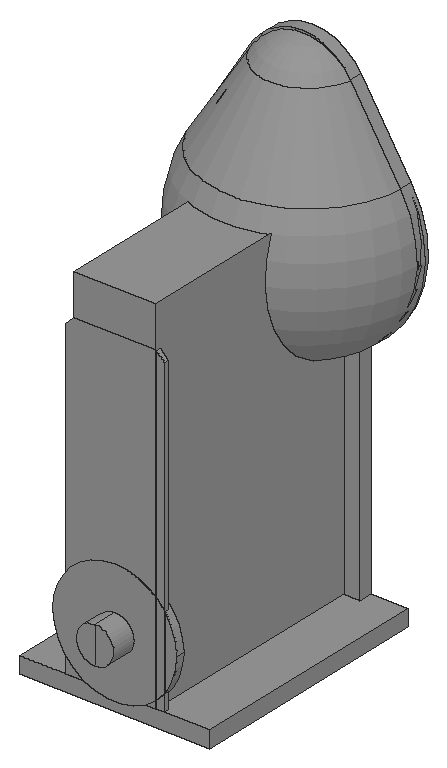
Revit family "Toilet-Willoughby-1490-TS-HET-ETF-FM", category Plumbing Fixtures, host Face, Revit 2014
Parameters (values of type "Standard")
  Waste DIA = 2 1/4"
  Waste Connection = yes
  W-RAD [instance] = Waste DIA / 2  # 0' - 1 1/8"
  URL = "www.willoughby-ind.com"
  Type Comments = ""
  Revision = "A"
  Model = "ETF-1490-TS-HET-FM"
  Manufacturer = "Willoughby Industries"
  Flush inlet DIA = 1 1/2"
  Fixture Body = Stainless Steel AISI 304-Willoughby
  F-RAD [instance] = Flush inlet DIA / 2  # 0' - 0 3/4"
  Description = "Floor Mounted Toilet"
  Default Elevation = 0' - 0"
  Contact Number = "(800) 428-4065"
  CW Connection = yes
Reference planes (in)
  plane 1 "Base": y = -16.25
  plane 2: z = 0
  plane 3 "Center": x = 18.31072
  plane 4 "Waste height": y = -4.75
  plane 5: y = -1.25
  plane 6: z = -6.75
  plane 7: y = -2.125
  plane 8: y = -14.0625
  plane 9: y = 0.5
  plane 10: x = 16.56072
  plane 11: x = 20.06072
  plane 12: x = 11.56072
  plane 13: x = 25.06072
  plane 14: z = 23
  plane 15: z = 30.75
  plane 16: x = 15.81072
  plane 17: x = 20.81072
  plane 18: x = 15.81072
  plane 19: x = 20.81072
  plane 20: z = 4.25
  plane 21: x = 12.56072
  plane 22: x = 24.06072
  plane 23: z = 2.75
Forms (in)
  Extrusion 1, solid, material "Stainless Steel AISI 304-Willoughby" <- "Fixture Body"
    sketch origin (16.08109, 7.47968, -2.20225) x (-1, 0, 0) y (0, 0, -1)
      loop
        line (1.29775, -16.80087) -> (1.29775, -3.20225) -> (-5.72963, -3.20225) -> (-5.72963, -16.81676)
        arc (-5.72963, -16.81676) -> (-8.98136, -21.11843) -> (-8.21015, -26.45542) r 7
        line (-8.21015, -26.45542) -> (-5.16818, -31.31054)
        arc (-5.16818, -31.31054) -> (-2.20225, -32.95225) -> (0.76368, -31.31054) r 3.5
        line (0.76368, -31.31054) -> (3.80565, -26.45542)
        arc (3.80565, -26.45542) -> (4.5729, -21.10311) -> (1.29775, -16.80087) r 7
      loop
        arc (2.03989, -24.70557) -> (-2.20225, -18.23804) -> (-6.44438, -24.70557) r 4.625
        line (-6.44438, -24.70557) -> (-4.04125, -30.23842)
        arc (-4.04125, -30.23842) -> (-2.20225, -31.45225) -> (-0.36324, -30.23842) r 2
        line (-0.36324, -30.23842) -> (2.03989, -24.70557)
    from 8.72968 to 9.5
  Revolve 2, solid, material "Stainless Steel AISI 304-Willoughby" <- "Fixture Body"
    sketch origin (19.37246, -1.52032, 1.00169) x (-1, 0, 0) y (0, 0, -1)
      loop
        line (1.06174, -12.59906) -> (1.06174, -12.84906)
        arc (1.06174, -12.84906) -> (6.91177, -17.54136) -> (5.58904, -24.92315) r 7.34171
        line (5.58904, -24.92315) -> (3.81535, -27.91457)
        arc (3.81535, -27.91457) -> (2.63527, -29.03194) -> (1.06174, -29.43826) r 3.25
        line (1.06174, -29.43826) -> (1.06174, -29.68826)
        arc (1.06174, -29.68826) -> (2.75672, -29.25045) -> (4.02767, -28.04656) r 3.5
        line (4.02767, -28.04656) -> (7.06964, -23.19143)
        arc (7.06964, -23.19143) -> (7.15052, -16.14555) -> (1.06174, -12.59906) r 7
      axis (1.06174, -12.59906) -> (1.06174, -29.68826)
    angle from 0 to -180
  Extrusion 3, solid, material "Stainless Steel AISI 304-Willoughby" <- "Fixture Body"
    sketch origin (19.53334, -3.02032, -4.9508) x (0, 1, 0) y (0, 0, 1)
      loop
        line (-4.42257, 4.9508) -> (1.02643, 4.9508) -> (1.02643, 18.97156)
        arc (1.02643, 18.97156) -> (-2.31062, 20.32275) -> (-4.42257, 23.23845) r 6.52287
        line (-4.42257, 23.23845) -> (-4.42257, 4.9508)
    from 1.27686 to -3.72262
  Extrusion 4, solid, material "Stainless Steel AISI 304-Willoughby" <- "Fixture Body"
    sketch origin (0, -16.25, 0) x (1, 0, 0) y (0, 0, 1)
      loop
        line (24.06072, 0) -> (24.06072, 1) -> (12.56072, 1) -> (12.56072, 0) -> (24.06072, 0)
    from -15 to 0
  Extrusion 5, solid, material "Stainless Steel AISI 304-Willoughby" <- "Fixture Body"
    sketch origin (0, -16.25, 0) x (1, 0, 0) y (0, 0, 1)
      loop
        line (20.81072, 0) -> (20.81072, 23) -> (15.81072, 23) -> (15.81072, 0) -> (20.81072, 0)
    from 0 to -8.80711
  Revolve 6, solid, material "Stainless Steel AISI 304-Willoughby" <- "Fixture Body"
    sketch origin (18.31072, 0, 0) x (0, 1, 0) y (0, 0, 1)
      loop
        line (-17.75, 4.25) -> (-14.75, 4.25) -> (-14.75, 5.375) -> (-17.75, 5.375) -> (-17.75, 4.25)
      axis (-14.75, 4.25) -> (-17.75, 4.25)
    angle from 0 to 360
  Revolve 7, solid, material "Stainless Steel AISI 304-Willoughby" <- "Fixture Body"
    sketch origin (18.31072, 0, 0) x (0, 1, 0) y (0, 0, 1)
      loop
        line (0, 2.75) -> (0, 3.5) -> (-3, 3.5) -> (-3, 2.75) -> (0, 2.75)
      axis (0, 2.75) -> (-3, 2.75)
    angle from 0 to 360
  Extrusion 8, solid, material "Stainless Steel AISI 304-Willoughby" <- "Fixture Body"
    sketch origin (0, -16.25, 1.5) x (1, 0, 0) y (0, 0, 1)
      loop
        circle (18.31072, 2.75) r 3.75
    from 0 to -0.5
  Extrusion 9, solid, material "Stainless Steel AISI 304-Willoughby" <- "Fixture Body"
    sketch origin (0, -16.25, 0) x (1, 0, 0) y (0, 0, 1)
      loop
        line (20.81072, 1) -> (21.31072, 1) -> (21.31072, 20) -> (20.81072, 20.5) -> (15.81072, 20.5) -> (15.31072, 20) -> (15.31072, 1) -> (15.81072, 1) -> (20.81072, 1)
    from 0 to -0.25
Cuts and joins
  joined: Extrusion 1, Extrusion 3, Extrusion 4, Extrusion 5
Lines and regions (in)
  symbolic lines
    curve 1: line (24.06072, -16.25, 0) -> (12.56072, -16.25, 0)
    curve 2: line (11.28334, -2.02032, 0) -> (11.28334, -1.25, 0)
    curve 3: line (11.28334, -1.25, 0) -> (25.28334, -1.25, 0)
    curve 4: line (25.28334, -1.25, 0) -> (25.28334, -2.02032, 0)
    curve 5: arc (25.28334, -2.02032, 0) -> (23.07704, -6.644, 0) -> (18.31072, -8.52239, 0) r 6.99206
    curve 6: arc (18.31072, -8.52239, 0) -> (13.52313, -6.64818, 0) -> (11.28334, -2.02032, 0) r 7.04615
    curve 7: line (20.81072, -8.05932, 0) -> (20.81072, -16.25, 0)
    curve 8: line (15.81072, -8.06484, 0) -> (15.81072, -16.25, 0)
    curve 9: line (15.81072, -15.75, 0) -> (14.56072, -15.75, 0)
    curve 10: line (14.56072, -15.75, 0) -> (14.56072, -16.25, 0)
    curve 11: line (20.81072, -15.75, 0) -> (22.06072, -15.75, 0)
    curve 12: line (22.06072, -15.75, 0) -> (22.06072, -16.25, 0)
    curve 13: line (12.56072, -16.25, 0) -> (24.06072, -16.25, 0)
    curve 14: line (24.06072, -16.25, 0) -> (24.06072, -16.25, 1)
    curve 15: line (24.06072, -16.25, 1) -> (21.81072, -16.25, 1)
    curve 16: line (21.81072, -16.25, 1) -> (21.81072, -16.25, 14.61451)
    curve 17: arc (21.81072, -16.25, 14.61451) -> (25.05763, -16.25, 18.88201) -> (24.31862, -16.25, 24.19312) r 6.97865
    curve 18: line (24.29124, -16.25, 24.25317) -> (21.24927, -16.25, 29.1083)
    curve 19: arc (21.24927, -16.25, 29.1083) -> (18.28334, -16.25, 30.75) -> (15.31741, -16.25, 29.1083) r 3.5
    curve 20: line (15.31741, -16.25, 29.1083) -> (12.27544, -16.25, 24.25317)
    curve 21: arc (12.27544, -16.25, 24.25317) -> (11.4489, -16.25, 18.88546) -> (14.78334, -16.25, 14.59862) r 6.86091
    curve 22: line (14.78334, -16.25, 14.59862) -> (14.78334, -16.25, 1)
    curve 23: line (14.78334, -16.25, 1) -> (12.56072, -16.25, 1)
    curve 24: line (12.56072, -16.25, 1) -> (12.56072, -16.25, 0)
    curve 31: line (18.31072, -16.25, 0) -> (18.31072, -1.25, 0)
    curve 32: line (18.31072, -1.25, 0) -> (18.31072, -1.25, 30.75)
    curve 33: line (18.31072, -1.25, 30.75) -> (18.31072, -2.02032, 30.75)
    curve 34: arc (18.31072, -2.02032, 30.75) -> (18.31072, -3.38865, 30.16162) -> (18.31072, -4.44677, 29.11334) r 3.99917
    curve 35: line (18.31072, -4.44677, 29.11334) -> (18.31072, -7.52822, 24.19312)
    curve 36: arc (18.31072, -7.52822, 24.19312) -> (18.31072, -7.84319, 23.61371) -> (18.31072, -8.08458, 23) r 5.35678
    curve 37: line (18.31072, -7.59724, 23) -> (18.31072, -16.25, 23)
    curve 38: line (18.31072, -16.25, 23) -> (18.31072, -16.25, 0)
    curve 39: line (18.31072, -16.25, 1) -> (18.31072, -2.02032, 1)
    curve 40: line (18.31072, -2.02032, 1) -> (18.31072, -2.02032, 14.59862)
    curve 41: line (18.31072, -2.02032, 14.59862) -> (18.31072, -1.25, 14.59862)
    curve 42: arc (18.31072, -2.02032, 14.0236) -> (18.31072, -5.64664, 15.53589) -> (18.31072, -7.76566, 18.84451) r 6.58317
    curve 43: arc (18.31072, -7.76566, 18.84451) -> (18.31072, -8.03387, 20.93654) -> (18.31072, -7.59724, 23) r 6.30619
    curve 44: line (12.56072, -16.25, 0) -> (12.56072, -5.552, 0)
    curve 45: line (24.06072, -16.25, 0) -> (24.06072, -5.50532, 0)
  symbolic lines, detail levels fine
    curve 25: arc (14.78334, -16.25, 5.52282) -> (14.56072, -16.25, 4.25) -> (14.78334, -16.25, 2.97718) r 3.75
    curve 26: arc (21.81072, -16.25, 2.90371) -> (22.06072, -16.25, 4.25) -> (21.81072, -16.25, 5.59629) r 3.75
    curve 27: arc (20.11778, -16.25, 28.04676) -> (18.27757, -16.25, 29.24999) -> (16.44433, -16.25, 28.03617) r 2
    curve 28: line (16.44433, -16.25, 28.03617) -> (14.0412, -16.25, 22.50332)
    curve 29: arc (14.0412, -16.25, 22.50332) -> (18.28332, -16.25, 16.0358) -> (22.52548, -16.25, 22.5033) r 4.625
    curve 30: line (22.52548, -16.25, 22.5033) -> (20.11778, -16.25, 28.04676)
Dimensions and locks (in)
  plane 1 "Base" to plane 5 = 1' - 3"
  level to plane 15 = 2' - 6 3/4"
  plane 21 to plane 22 = 0' - 11 1/2"  (x2)
  plane 13 to plane 22 = 0' - 1"
  level to plane 20 = 0' - 4 1/4"
  plane 21 to plane 3 "Center" = 0' - 5 3/4"
  level to plane 23 = 0' - 2 3/4"
  plane 18 to plane 19 = 0' - 5"
  aligned and locked: plane 2 to host face
  aligned and locked: level to host face
Connectors (in)
  piping at (18.31072, -17.75, 4.25), diameter 2.25, driven by "W-RAD", driven by "Waste Connection"
    settings: on Revolve 6, index 4, connector inside diameter 24", connector length 0' - 0", flow factor 0, pipe flow 0 GPM, pressure drop 0.00 psi, fitting loss kfactor 0, connector angle 0.00°, fixture units 0, engagement length 0' - 0", angle of deflection 0.00°, flow configuration 0, flow direction 2, fitting loss method 0, system type 16, joint type 0, gender type 0, connector reference index -1, connector utility 1, adjustable connector no, is connector primary yes, connector description "Toilet Waste"
  piping at (18.31072, 0, 2.75), diameter 1.5, driven by "F-RAD", driven by "CW Connection"
    settings: on Revolve 7, index 5, connector inside diameter 24", connector length 0' - 0", flow factor 0, pipe flow 0 GPM, pressure drop 0.00 psi, fitting loss kfactor 0, connector angle 0.00°, fixture units 0, engagement length 0' - 0", angle of deflection 0.00°, flow configuration 0, flow direction 1, fitting loss method 0, system type 20, joint type 0, gender type 0, connector reference index -1, connector utility 1, adjustable connector no, is connector primary no, connector description "Flush Inlet"
